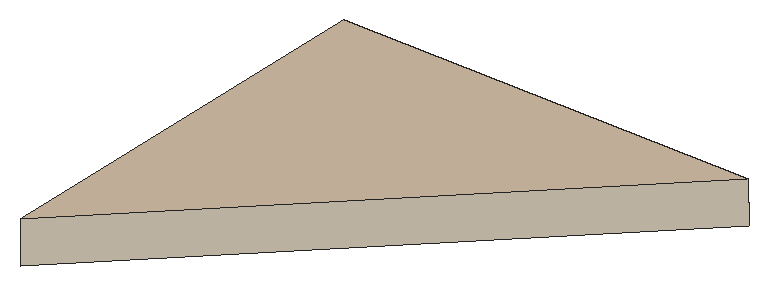
Revit family "f3c44ba7de8148658fbd433c64b02f4d", category Furniture Systems, Revit 2021
Family settings
  Round Connector Dimension = Use Diameter
  Part Type = Normal
  OmniClass Number = 23.40.70.14.64.21
  OmniClass Title = Systems Furniture
  Work Plane-Based = No
  Always vertical = Yes
  Cut with Voids When Loaded = No
  Shared = No
  Room Calculation Point = No
Parameters (values of type "12" x 12"")
  Work Surface Material [instance] = Plastic Laminate - White Oak
  Type Comments = "12\" x 12\" Corner Wedge Work Surface"
  Thickness = 1 1/4"
  Width = 12"
  Model = ""
  Manufacturer = ""
  Height = 30"
  Edge Material [instance] = Plastic Laminate - Beige - Light - Smooth
  Description = ""
  Depth = 12"
  Default Elevation = 0"
Reference planes (in)
  plane 1 "Center F/B": y = 0
  plane 2: z = 0
  plane 3 "Center L/R": x = 0
  plane 4 "Right": x = 12
  plane 5 "Top": z = 30
  plane 6 "Bottom": z = 28.75
  plane 7 "Front": y = -12
Forms (in)
  Extrusion 1, solid, material "Plastic Laminate - White Oak" <- "Work Surface Material"
    sketch origin (0, 0, 0) x (1, 0, 0) y (0, 1, 0)
      loop
        line (0, 0) -> (0, -12) -> (12, 0) -> (0, 0)
    from 28.75 to 30
Lines and regions (in)
  Masking region 1
    outline origin (-40.96876, -32.55517, 0) x (1, 0, 0) y (0, 1, 0)
      loop
        line (40.96876, 32.55517) -> (40.96876, 20.55517) -> (52.96876, 32.55517) -> (40.96876, 32.55517)
Dimensions and locks (in)
  "Width": plane 3 "Center L/R" to plane 4 "Right"
  "Thickness": plane 5 "Top" to plane 6 "Bottom"
  "Depth": plane 1 "Center F/B" to plane 7 "Front"
  "Height": plane 5 "Top" to plane 2
  aligned and locked: plane 1 "Center F/B" to Extrusion 1 sketch curve
  aligned and locked: plane 3 "Center L/R" to Extrusion 1 sketch curve
  aligned and locked: level to plane 2
  aligned and locked: plane 5 "Top" to Extrusion 1
  aligned and locked: plane 6 "Bottom" to Extrusion 1
  aligned: plane 1 "Center F/B" to Masking region 1 sketch curve  (x2)
  aligned and locked: plane 1 "Center F/B" to Masking region 1 sketch curve
  aligned and locked: plane 3 "Center L/R" to Masking region 1 sketch curve
Automatic sketch dimensions
  Masking region 1 sketch curve to plane 4 "Right" = 0"  (x2)
  Masking region 1 sketch curve to plane 7 "Front" = 0"
  Extrusion 1 sketch curve to plane 4 "Right" = 0"
  Extrusion 1 sketch curve to plane 7 "Front" = 0"
